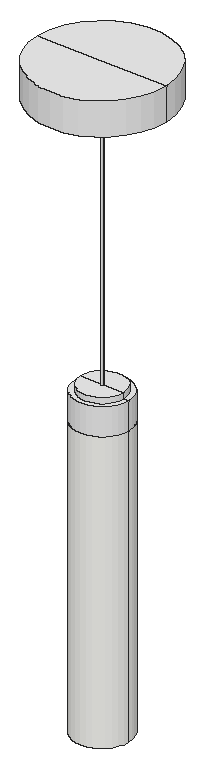
Revit family "Light-LED_Pendant-DXV-Modulus-D19070000_Series", category Lighting Fixtures, host Ceiling, Revit 2014
Parameters (values of type "D19070000.100")
  Width = 6"  # constant formula
  Wattage Comments = "10w, 3000k, 850 lumens, 120v."  # constant formula
  Wattage = 5.72229 W
  built-in parameter 1150110 = 1 (stored number, unit not read)
  Voltage = 120 V  # constant formula
  URL = "https://www.dxv.com"
  Type Comments = "Adjustable cord length between 4\" (102mm) Min. to 72 (1829mm) Max."
  built-in parameter 1114217 = 1 (stored number, unit not read)
  Tilt Angle = 90.00°
  built-in parameter 1150109 = 1 (stored number, unit not read)
  built-in parameter 1150134 = (empty or 0)
  built-in parameter 1150113 = 1 (stored number, unit not read)
  built-in parameter 1010507 = 1.0472 (stored number, unit not read)
  built-in parameter 1010506 = 0.7854 (stored number, unit not read)
  Product Page URL = "https://www.dxv.com/product/dxv-modulus-led-pendant-light"
  Product Documentation Link = ""
  Model = "D19070000.100"
  Material = "Metal-DXV-100-Polished Chrome"
  Manufacturer = "DXV"
  Lumens = 850 lm
  built-in parameter 1150115 = 1 (stored number, unit not read)
  built-in parameter 1150105 = 1749.8 (stored number, unit not read)
  Light Source Symbol Length = 120"
  built-in parameter 1150137 = (empty or 0)
  built-in parameter 1150139 = (empty or 0)
  built-in parameter 1150112 = 1 (stored number, unit not read)
  built-in parameter 1150114 = 1 (stored number, unit not read)
  Installation Type = "Ceiling Mounted"  # constant formula
  built-in parameter 1150132 = 2
  built-in parameter 1150102 = (empty or 0)
  built-in parameter 1150138 = (empty or 0)
  built-in parameter 1150107 = 3000 (stored number, unit not read)
  built-in parameter 1150106 = 17.498 (stored number, unit not read)
  Height = 14 1/2"  # constant formula
  Finish = Metal-DXV-100-Polished Chrome
  built-in parameter 1150104 = 13.8 (stored number, unit not read)
  Dimming Lamp Color Temperature Shift = <None>
  Description = "DXV Modulus LED Pendant Light"  # constant formula
  Creation Date = "05/07/2018"  # constant formula
  Cord Length [instance] = 12"
  Color Filter = 16777215
  built-in parameter 1114218 = 1 (stored number, unit not read)
  built-in parameter 1150133 = 10 (stored number, unit not read)
  Assembly Code = "D5020200"
  Apparent Load = 120 VA  # constant formula
Types (5): name | Model | Material | Finish
  (no name) | "D19070000.100" | "Metal-DXV-100-Polished Chrome" | Metal-DXV-100-Polished Chrome
  D19070000.243 | "D19070000.243" | "Metal-DXV-243-Matte Black" | Metal-DXV-243-Matte Black
  D19070000.100 | "D19070000.100" | "Metal-DXV-100-Polished Chrome" | Metal-DXV-100-Polished Chrome
  D19070000.144 | "D19070000.144" | "Metal-DXV-144-Brushed Nickel" | Metal-DXV-144-Brushed Nickel
  D19070000.150 | "D19070000.150" | "Metal-DXV-150-Platinum Nickel" | Metal-DXV-150-Platinum Nickel
Reference planes (in)
  plane 1 "Light Source Axis (F/B)": y = 0
  plane 2 "Ceiling": z = 96
  plane 3 "Light Source Axis (L/R)": x = 0
  plane 4 "Light Source Elevation": z = 68
  plane 5: z = 82.25
  plane 6: z = 94.5
  plane 7: z = 82.5
  plane 8: z = 82.25
  plane 9: z = 81
  plane 10: x = -3
  plane 11: x = 3
Forms (in)
  Revolve 1, solid, material "Metal-DXV-100-Polished Chrome" <- "Finish"
    sketch origin (0, 0, 0) x (1, 0, 0) y (0, 0, 1)
      loop
        line (0, 96) -> (0, 81) -> (1.25, 81) -> (1.25, 82.25) -> (1, 82.25) -> (1, 82.5) -> (0.0625, 82.5) -> (0.0625, 94.5) -> (3, 94.5) -> (3, 96) -> (0, 96)
      axis (0, 96) -> (0, 81)
    angle from 0 to 360
  Revolve 2, solid, material "Default Light Source"
    sketch origin (0, 0, 0) x (1, 0, 0) y (0, 0, 1)
      loop
        line (0, 81) -> (0, 71.1875)
        arc (0, 71.1875) -> (0.53033, 71.40717) -> (0.75, 71.9375) r 0.75
        line (0.75, 71.9375) -> (0.75, 81) -> (0, 81)
      axis (0, 81) -> (0, 71.1875)
    angle from 0 to 360
  Extrusion 3, solid, material "Glass-DXV-Frosted"
    sketch origin (0, 0, 0) x (1, 0, 0) y (0, 1, 0)
      loop
        circle (0, 0) r 1.25
      loop
        circle (0, 0) r 1.1455
    from 68 to 81
Lines and regions (in)
  Masking region 1
    outline origin (0, 0, 0) x (1, 0, 0) y (0, 1, 0)
      loop
        circle (0, 0) r 3
  Masking region 2
    outline origin (0, 0, 0) x (1, 0, 0) y (0, 1, 0)
      loop
        circle (0, 0) r 3
Dimensions and locks (in)
  equal spacing: host sketch curve, plane 3 "Light Source Axis (L/R)", host sketch curve
  equal spacing: host sketch curve, plane 1 "Light Source Axis (F/B)", host sketch curve
  host sketch curve to host sketch curve = 120"  (x2)
  locked: plane 4 "Light Source Elevation" to plane 9 at 13
  locked: plane 9 to plane 8 at 1.25
  locked: plane 8 to plane 7 at 0.25
  "Cord Length": plane 7 to plane 6
  locked: plane 6 to plane 2 "Ceiling" at 1.5
  equal spacing: plane 11, plane 3 "Light Source Axis (L/R)", plane 10
  "Width": plane 11 to plane 10
  locked: Revolve 2 sketch curve to plane 3 "Light Source Axis (L/R)" at 0.75
  locked: Revolve 1 sketch curve to plane 3 "Light Source Axis (L/R)" at 1.25
  locked: Revolve 1 sketch curve to plane 3 "Light Source Axis (L/R)" at 1
  locked: Revolve 1 sketch curve to plane 3 "Light Source Axis (L/R)" at 0.0625
  radius of Extrusion 3 sketch curve = 1.1455"
  radius of Extrusion 3 sketch curve = 1 1/4"
  aligned and locked: plane 3 "Light Source Axis (L/R)" to imposter light
  aligned and locked: plane 1 "Light Source Axis (F/B)" to imposter light
  aligned and locked: plane 4 "Light Source Elevation" to imposter light
  aligned and locked: Revolve 1 sketch curve to plane 7
  aligned and locked: Revolve 1 sketch curve to plane 8
  aligned and locked: plane 9 to Revolve 1 sketch curve
  aligned and locked: Revolve 1 sketch curve to plane 3 "Light Source Axis (L/R)"
  aligned and locked: plane 6 to Revolve 1 sketch curve
  aligned and locked: plane 2 "Ceiling" to Revolve 1 sketch curve
  aligned and locked: plane 3 "Light Source Axis (L/R)" to Revolve 1 sketch curve
  aligned and locked: Revolve 2 sketch curve to plane 9
  aligned and locked: Revolve 2 sketch curve to plane 3 "Light Source Axis (L/R)"
  aligned and locked: plane 3 "Light Source Axis (L/R)" to Revolve 2 sketch curve
  aligned and locked: plane 4 "Light Source Elevation" to Extrusion 3
  aligned and locked: Extrusion 3 to plane 9
  aligned and locked: Masking region 1 sketch curve to Revolve 1
  aligned and locked: plane 3 "Light Source Axis (L/R)" to Extrusion 3 sketch curve  (x2)
  aligned and locked: plane 1 "Light Source Axis (F/B)" to Extrusion 3 sketch curve  (x2)
  aligned and locked: plane 11 to Revolve 1 sketch curve
  aligned and locked: Masking region 2 sketch curve to Revolve 1
Automatic sketch dimensions
  Revolve 1 sketch curve to Revolve 1 sketch curve = 2"
  Revolve 1 sketch curve to Revolve 1 sketch curve = 1 3/4"
  Revolve 2 sketch curve to plane 9 = 0"
  Revolve 2 sketch curve to plane 4 "Light Source Elevation" = 3 15/16"
  plane 8 to Revolve 2 sketch curve = 1/4"
Connectors (in)
  electrical at (0, 0, 96), driven by "Voltage"
    settings: on Revolve 1, index 1, voltage 120 V, apparent load 0 VA, apparent load phase1 0 VA, apparent load phase2 0 VA, apparent load phase3 0 VA, power factor 1, load classification "Other", number of poles 1, system type 30, power factor state 1, is connector primary yes, connector utility no, sub classification motor no, connector description "120V Power Supply"
